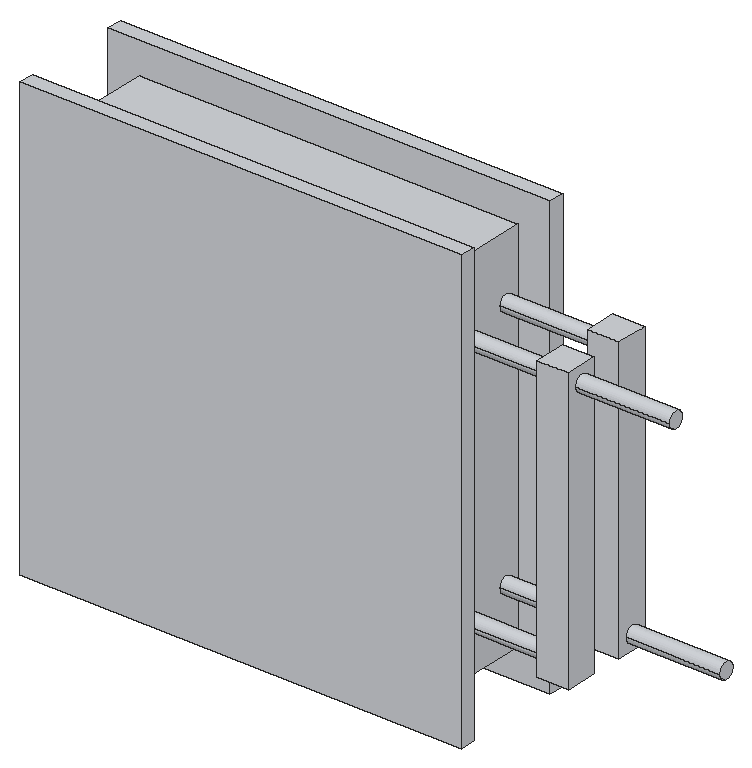
Revit family "73fe1668d26345869345711c390e2ca0", category Mechanical Equipment, Revit 2021
Family settings
  Round Connector Dimension = Use Radius
  Part Type = Normal
  OmniClass Number = 23.75.70.21.14
  OmniClass Title = Coil Units
  Seek Item ID = Coil - Hot Water-0000-USA-ENU
  Work Plane-Based = No
  Always vertical = Yes
  Cut with Voids When Loaded = No
  Shared = No
  Room Calculation Point = No
Parameters (values of type "Standard")
  Duct Width [instance] = 12"
  Duct Height [instance] = 12"
  Default Elevation = 0' - 0"
  Coil Material = none
  Coil Length [instance] = Duct Width + 0' 6 1/4"  # 1' - 6 1/4"
  Water Radius = Water Diameter / 2  # 1/4"
  Water Pressure Drop [instance] = 0.00 psi
  Water Flow [instance] = 0 GPM
  Water Diameter = 1/2"
  Air Pressure Drop [instance] = 0.03 in-wg
  Air Flow [instance] = 500 CFM
Reference planes (in)
  plane 1 "Center (Front/Back)": y = 0
  plane 2: z = 0
  plane 3 "Center (Left/Right)": x = 0
  plane 4: y = 3
  plane 5: y = 3.5
  plane 6: y = -0.5
  plane 7: x = -6
  plane 8: x = 6
  plane 9: x = -8.25
  plane 10: x = -7
  plane 11: x = 7
  plane 12: x = 10
  plane 13: x = 9
  plane 14: x = 13
  plane 15: y = 2.5
  plane 16: y = 0.5
  plane 17: z = -1
  plane 18: z = 12
  plane 19: z = 13
  plane 20: z = 10
  plane 21: z = 2
Forms (in)
  Extrusion 1, solid, material <- "Coil Material"
    sketch origin (0, 0, 0) x (1, 0, 0) y (0, 1, 0)
      loop
        line (-6, 3) -> (-6, 0) -> (6, 0) -> (6, 3) -> (-6, 3)
    from 0 to 12
  Extrusion 2, solid, material <- "Coil Material"
    sketch origin (0, 0, 0) x (1, 0, 0) y (0, 0, 1)
      loop
        line (-7, 13) -> (-7, -1) -> (7, -1) -> (7, 13) -> (-7, 13)
    from 0 to 0.5
  Extrusion 3, solid, material <- "Coil Material"
    sketch origin (0, 0, 0) x (1, 0, 0) y (0, 0, 1)
      loop
        line (-7, 13) -> (-7, -1) -> (7, -1) -> (7, 13) -> (-7, 13)
    from -3.5 to -3
  Sweep 4, solid, material <- "Coil Material"
    path origin (0, 0, 0) x (1, 0, 0) y (0, 0, 1)
      loop
        line (-6, 8.5) -> (-7, 8.5)
        arc (-7, 8.5) -> (-8, 7.5) -> (-7, 6.5) r 1
        line (-7, 6.5) -> (-6, 6.5)
    profile origin (-6.5, 0, 8.5) x (0, 0, -1) y (0, -1, 0)
      loop
        circle (0, -1.5) r 0.25
  Sweep 5, solid, material <- "Coil Material"
    path origin (0, 0, 0) x (1, 0, 0) y (0, 1, 0)
      loop
        line (6, 2.5) -> (9, 2.5)
    profile origin (7.5, 2.5, 0) x (0, 1, 0) y (0, 0, 1)
      loop
        circle (0, 10) r 0.25
  Sweep 6, solid, material <- "Coil Material"
    path origin (0, 0, 0) x (1, 0, 0) y (0, 1, 0)
      loop
        line (6, 2.5) -> (9, 2.5)
    profile origin (7.5, 2.5, 0) x (0, 1, 0) y (0, 0, 1)
      loop
        circle (0, 2) r 0.25
  Sweep 7, solid, material <- "Coil Material"
    path origin (0, 0, 0) x (1, 0, 0) y (0, 1, 0)
      loop
        line (6, 0.5) -> (9, 0.5)
    profile origin (7.5, 0.5, 0) x (0, 1, 0) y (0, 0, 1)
      loop
        circle (0, 2) r 0.25
  Sweep 8, solid, material <- "Coil Material"
    path origin (0, 0, 0) x (1, 0, 0) y (0, 1, 0)
      loop
        line (6, 0.5) -> (9, 0.5)
    profile origin (7.5, 0.5, 0) x (0, 1, 0) y (0, 0, 1)
      loop
        circle (0, 10) r 0.25
  Extrusion 9, solid, material <- "Coil Material"
    sketch origin (0, 0, 0) x (0, 1, 0) y (0, 0, 1)
      loop
        line (3, 10.5) -> (2, 10.5) -> (2, 1.5) -> (3, 1.5) -> (3, 10.5)
      loop
        line (1, 10.5) -> (0, 10.5) -> (0, 1.5) -> (1, 1.5) -> (1, 10.5)
    from 9 to 10
  Extrusion 10, solid, material <- "Coil Material"
    sketch origin (0, 0, 0) x (0, 1, 0) y (0, 0, 1)
      loop
        circle (2.5, 2) r 0.25
      loop
        circle (0.5, 10) r 0.25
    from 10 to 13
Cuts and joins
  joined: Extrusion 1, Extrusion 2, Extrusion 3, Sweep 4, Sweep 5, Sweep 6, Sweep 7, Sweep 8, Extrusion 9, Extrusion 10
Dimensions and locks (in)
  locked: plane 4 to plane 1 "Center (Front/Back)" at 3
  locked: plane 5 to plane 4 at 0.5
  locked: plane 6 to plane 1 "Center (Front/Back)" at 0.5
  equal spacing: plane 7, plane 3 "Center (Left/Right)", plane 8
  "Duct Width": plane 7 to plane 8
  locked: plane 9 to plane 7 at 2.25
  locked: plane 10 to plane 7 at 1
  locked: plane 8 to plane 11 at 1
  "Coil Length": plane 9 to plane 12
  locked: plane 13 to plane 12 at 1
  locked: plane 12 to plane 14 at 3
  locked: plane 5 to plane 15 at 1
  locked: plane 16 to plane 6 at 1
  locked: level to plane 2
  locked: plane 2 to plane 17 at 1
  "Duct Height": plane 18 to plane 2
  locked: plane 19 to plane 18 at 1
  locked: plane 18 to plane 20 at 2
  locked: plane 21 to plane 2 at 2
  equal spacing: Extrusion 3, Sweep 4 sketch curve, plane 6
  locked: Extrusion 9 sketch curve to Extrusion 9 sketch curve at 1  (x2)
  equal spacing: Extrusion 9 sketch curve, plane 15, Extrusion 9 sketch curve
  locked: Extrusion 9 sketch curve to plane 20 at 0.5
  locked: plane 21 to Extrusion 9 sketch curve at 0.5
  equal spacing: Extrusion 9 sketch curve, plane 16, Extrusion 9 sketch curve
  "Water Radius": radius of Extrusion 10 sketch curve  (x2)
  aligned and locked: plane 7 to Extrusion 1 sketch curve
  aligned and locked: Extrusion 1 sketch curve to plane 4
  aligned and locked: Extrusion 1 sketch curve to plane 8
  aligned and locked: Extrusion 1 sketch curve to plane 1 "Center (Front/Back)"
  aligned and locked: plane 18 to Extrusion 1
  aligned and locked: Extrusion 1 to plane 2
  aligned and locked: plane 10 to Extrusion 2 sketch curve
  aligned and locked: Extrusion 2 sketch curve to plane 19
  aligned and locked: plane 17 to Extrusion 2 sketch curve
  aligned and locked: Extrusion 2 sketch curve to plane 11
  aligned and locked: Extrusion 2 to plane 1 "Center (Front/Back)"
  aligned and locked: Extrusion 2 to plane 6
  aligned and locked: Extrusion 3 sketch curve to plane 11
  aligned and locked: Extrusion 3 sketch curve to plane 19
  aligned and locked: plane 10 to Extrusion 3 sketch curve
  aligned and locked: plane 17 to Extrusion 3 sketch curve
  aligned and locked: plane 5 to Extrusion 3
  aligned and locked: Extrusion 3 to plane 4
  aligned and locked: plane 7 to Sweep 4 sketch curve  (x2)
  aligned and locked: plane 8 to Sweep 5 sketch curve
  aligned and locked: Sweep 5 sketch curve to plane 15
  aligned and locked: plane 13 to Sweep 5 sketch curve
  aligned and locked: plane 20 to Sweep 5 sketch curve
  aligned and locked: plane 8 to Sweep 6 sketch curve
  aligned and locked: plane 13 to Sweep 6 sketch curve
  aligned and locked: Sweep 6 sketch curve to plane 15
  aligned and locked: plane 21 to Sweep 6 sketch curve
  aligned and locked: plane 15 to Sweep 6 sketch curve
  aligned and locked: plane 8 to Sweep 7 sketch curve
  aligned and locked: plane 13 to Sweep 7 sketch curve
  aligned and locked: Sweep 7 sketch curve to plane 16
  aligned and locked: plane 16 to Sweep 7 sketch curve
  aligned and locked: plane 21 to Sweep 7 sketch curve
  aligned and locked: plane 8 to Sweep 8 sketch curve
  aligned and locked: plane 13 to Sweep 8 sketch curve
  aligned and locked: Sweep 8 sketch curve to plane 16
  aligned and locked: plane 16 to Sweep 8 sketch curve
  aligned and locked: plane 20 to Sweep 8 sketch curve
  aligned and locked: Extrusion 9 sketch curve to Extrusion 9 sketch curve  (x2)
  aligned and locked: Extrusion 9 to plane 13
  aligned and locked: plane 12 to Extrusion 9
  aligned and locked: plane 21 to Extrusion 10 sketch curve
  aligned and locked: plane 15 to Extrusion 10 sketch curve
  aligned and locked: plane 16 to Extrusion 10 sketch curve
  aligned and locked: plane 20 to Extrusion 10 sketch curve
  aligned and locked: plane 14 to Extrusion 10
  aligned and locked: Extrusion 10 to plane 12
Automatic sketch dimensions
  Sweep 4 sketch curve to plane 10 = 0' - 0"
  Sweep 4 sketch curve to plane 20 = 0' - 3 1/2"
  Sweep 4 sketch curve to Sweep 4 sketch curve = 0' - 1"
  Sweep 4 sketch curve to profile plane = 0' - 0"
  Sweep 5 sketch curve to profile plane = 0' - 0"
  radius of Sweep 4 sketch curve = 0' - 0 1/4"
  radius of Sweep 5 sketch curve = 0' - 0 1/4"
  radius of Sweep 6 sketch curve = 0' - 0 1/4"
  radius of Sweep 7 sketch curve = 0' - 0 1/4"
  radius of Sweep 8 sketch curve = 0' - 0 1/4"
Connectors (in)
  hvac at (0, -0.5, 6), driven by "Air Pressure Drop", driven by "Air Flow", driven by "Duct Height", driven by "Duct Width"
    settings: on cut or joined group 1 (Extrusion 1, Extrusion 2, Extrusion 3, Sweep 4, Sweep 5, Sweep 6, Sweep 7, Sweep 8, Extrusion 9, Extrusion 10), index 1, duct flow 500 CFM, flow factor 0, pres drop 0.03 in-wg, loss coef 0, conn angle 0.00°, conn width 12", conn height 12", conn diameter 24", duct sys type 1, conn prof type 1, flow config 0, flow direction 0, loss method 4, conn ref index 2, conn util no, is conn primary yes, conn desc ""
  hvac at (0, 3.5, 6), driven by "Air Pressure Drop", driven by "Air Flow", driven by "Duct Height", driven by "Duct Width"
    settings: on cut or joined group 1, index 2, duct flow 500 CFM, flow factor 0, pres drop 0.03 in-wg, loss coef 0, conn angle 0.00°, conn width 12", conn height 12", conn diameter 24", duct sys type 1, conn prof type 1, flow config 0, flow direction 0, loss method 4, conn ref index 1, conn util no, is conn primary no, conn desc ""
  piping at (13, 2.5, 2), diameter 0.5, driven by "Water Flow", driven by "Water Radius"
    settings: on cut or joined group 1, index 3, connector inside diameter 1/2", connector length 0' - 0", flow factor 0, pipe flow 0 GPM, pressure drop 0.00 psi, fitting loss kfactor 0, connector angle 0.00°, fixture units 0, engagement length 0' - 0", angle of deflection 0.00°, flow configuration 1, flow direction 1, fitting loss method 4, system type 7, joint type 0, gender type 0, connector reference index 4, connector utility 0, adjustable connector no, is connector primary yes, connector description "Water In"
  piping at (13, 0.5, 10), diameter 0.5, driven by "Water Flow", driven by "Water Pressure Drop", driven by "Water Radius"
    settings: on cut or joined group 1, index 4, connector inside diameter 1/2", connector length 0' - 0", flow factor 0, pipe flow 0 GPM, pressure drop 0.00 psi, fitting loss kfactor 0, connector angle 0.00°, fixture units 0, engagement length 0' - 0", angle of deflection 0.00°, flow configuration 1, flow direction 2, fitting loss method 4, system type 8, joint type 0, gender type 0, connector reference index 3, connector utility 0, adjustable connector no, is connector primary no, connector description "Water Out"
